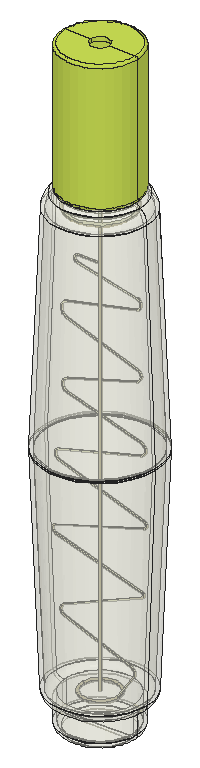
Revit family "LGB3", category Lighting Fixtures, Revit 2024
Family settings
  Round Connector Dimension = Use Diameter
  Part Type = Normal
  OmniClass Number = 23.80.70.00
  OmniClass Title = Lighting
  Work Plane-Based = No
  Always vertical = Yes
  Cut with Voids When Loaded = No
  Light Source = No
  Maintain Annotation Orientation = No
  Shared = No
  Room Calculation Point = No
Parameters
  Default Elevation = 0' - 0"
Reference planes (in)
  plane 1 "Light Source Axis (F/B)": y = 0
  plane 2: z = 0
  plane 3 "Light Source Axis (L/R)": x = 0
  plane 4 "Light Source Elevation": z = 54
Forms (in)
  Revolve 1, solid, material "90"
    sketch origin (0, 0, 2.5) x (1, 0, 0) y (0, 0, 1)
      loop
        arc (-0.9375, 68) -> (-0.98169, 67.98169) -> (-1, 67.9375) r 0.0625
        line (-1, 67.9375) -> (-1, 64.5625)
        arc (-1, 64.5625) -> (-0.98169, 64.51831) -> (-0.9375, 64.5) r 0.0625
        line (-0.9375, 64.5) -> (-0.90625, 64.5) -> (-0.90625, 67.90625) -> (-0.25, 67.90625) -> (-0.25, 68) -> (-0.9375, 68)
      axis (0, 68) -> (0, 64.5)
    angle from 0 to 360
  Revolve 2, solid, material "GENEVA BULB"
    sketch origin (0, 0, 2.5) x (1, 0, 0) y (0, 0, 1)
      loop
        line (-0.88048, 64.5) -> (-0.9375, 64.5)
        arc (-0.9375, 64.5) -> (-0.96142, 64.49524) -> (-0.98169, 64.48169) r 0.0625
        line (-0.98169, 64.48169) -> (-1.08623, 64.39142)
        arc (-1.08623, 64.39142) -> (-1.20964, 64.23052) -> (-1.25901, 64.03385) r 0.5
        line (-1.25901, 64.03385) -> (-1.49956, 58.27083)
        arc (-1.49956, 58.27083) -> (-1.49998, 58.24998) -> (-1.49956, 58.22913) r 0.51872
        line (-1.49956, 58.22913) -> (-1.26866, 52.48995)
        arc (-1.26866, 52.48995) -> (-1.18512, 52.3133) -> (-1, 52.25071) r 0.25
        line (-1, 52.25071) -> (-1, 51.6875)
        arc (-1, 51.6875) -> (-0.94508, 51.55492) -> (-0.8125, 51.5) r 0.1875
        line (-0.8125, 51.5) -> (0, 51.5) -> (0, 51.59375) -> (-0.8125, 51.59375)
        arc (-0.8125, 51.59375) -> (-0.87879, 51.62121) -> (-0.90625, 51.6875) r 0.09375
        line (-0.90625, 51.6875) -> (-0.90625, 52.39168)
        arc (-0.90625, 52.39168) -> (-1.07433, 52.35392) -> (-1.17499, 52.49372) r 0.15625
        line (-1.17499, 52.49372) -> (-1.40589, 58.2329)
        arc (-1.40589, 58.2329) -> (-1.40623, 58.24995) -> (-1.40589, 58.267) r 0.42497
        line (-1.40589, 58.267) -> (-1.16534, 64.02994)
        arc (-1.16534, 64.02994) -> (-1.12523, 64.18974) -> (-1.02496, 64.32047) r 0.40625
        line (-1.02496, 64.32047) -> (-0.92562, 64.40625) -> (-0.78673, 64.40625) -> (-0.78673, 65.93591) -> (-0.88048, 65.93591) -> (-0.88048, 64.5)
      axis (0, 65.93591) -> (0, 51.5)
    angle from 0 to 360
  Revolve 3, solid, material "INTERNAL"
    sketch origin (0, 0, 2.5) x (1, 0, 0) y (0, 0, 1)
      loop
        circle (-0.81943, 64.07284) r 0.03201
      loop
        circle (-0.4783, 52.40655) r 0.03201
      loop
        line (-0.03125, 64.22167) -> (-0.03125, 52.42154) -> (0, 52.42154) -> (0, 64.22167) -> (-0.03125, 64.22167)
      axis (0, 64.22167) -> (0, 52.40655)
    angle from 0 to 360
  Sweep 4, solid, material "INTERNAL"
    path origin (0, 0, 2.5) x (1, 0, 0) y (0, 0, 1)
      loop
        line (-0.25, 64.5) -> (-0.25, 64.22199) -> (0.25, 64.22199) -> (0.25, 64.5)
    profile origin (-0.25, 0, 66.861) x (0, -1, 0) y (1, 0, 0)
      loop
        circle (0, 0) r 0.0312
  Extrusion 5, solid, material "LIGHT"
    sketch origin (0, 0, 2.5) x (1, 0, 0) y (0, 0, 1)
      loop
        line (-0.03125, 62.67154) -> (-0.03125, 62.70279) -> (-0.58206, 62.70279)
        arc (-0.58206, 62.70279) -> (-0.6944, 62.60075) -> (-0.6036, 62.47914) r 0.11286
        line (-0.6036, 62.47914) -> (0.9749, 62.17231)
        arc (0.9749, 62.17231) -> (1.07916, 62.04806) -> (0.9793, 61.92024) r 0.12887
        line (0.9793, 61.92024) -> (-0.88609, 61.48958)
        arc (-0.88609, 61.48958) -> (-1.05815, 61.28171) -> (-0.90277, 61.06109) r 0.22221
        line (-0.90277, 61.06109) -> (0.99133, 60.46544)
        arc (0.99133, 60.46544) -> (1.0886, 60.33234) -> (0.99027, 60.20001) r 0.13895
        line (0.99027, 60.20001) -> (-0.89784, 59.62276)
        arc (-0.89784, 59.62276) -> (-1.02831, 59.44318) -> (-0.89165, 59.26827) r 0.18442
        line (-0.89165, 59.26827) -> (1.09042, 58.73717)
        arc (1.09042, 58.73717) -> (1.20274, 58.59081) -> (1.09042, 58.44444) r 0.15153
        line (1.09042, 58.44444) -> (-1.11248, 57.85417)
        arc (-1.11248, 57.85417) -> (-1.22286, 57.7129) -> (-1.11748, 57.56786) r 0.14895
        line (-1.11748, 57.56786) -> (1.1786, 56.86587)
        arc (1.1786, 56.86587) -> (1.22906, 56.79768) -> (1.1786, 56.72949) r 0.07131
        line (1.1786, 56.72949) -> (-1.20361, 56.00117)
        arc (-1.20361, 56.00117) -> (-1.28971, 55.88268) -> (-1.19953, 55.76726) r 0.12169
        line (-1.19953, 55.76726) -> (1.12968, 55.14315)
        arc (1.12968, 55.14315) -> (1.16293, 55.10281) -> (1.13562, 55.05824) r 0.04501
        line (1.13562, 55.05824) -> (-0.97222, 54.16351)
        arc (-0.97222, 54.16351) -> (-1.06867, 54.01211) -> (-0.96189, 53.86781) r 0.15847
        line (-0.96189, 53.86781) -> (0.82213, 53.25352)
        arc (0.82213, 53.25352) -> (0.91091, 53.16318) -> (0.89219, 53.03791) r 0.14193
        line (0.89219, 53.03791) -> (0.46818, 52.43238) -> (0.49378, 52.41445) -> (0.91778, 53.01999)
        arc (0.91778, 53.01999) -> (0.94063, 53.17284) -> (0.8323, 53.28307) r 0.17318
        line (0.8323, 53.28307) -> (-0.95172, 53.89735)
        arc (-0.95172, 53.89735) -> (-1.03744, 54.0132) -> (-0.96001, 54.13475) r 0.12722
        line (-0.96001, 54.13475) -> (1.14783, 55.02947)
        arc (1.14783, 55.02947) -> (1.19411, 55.10499) -> (1.13777, 55.17333) r 0.07626
        line (1.13777, 55.17333) -> (-1.19144, 55.79744)
        arc (-1.19144, 55.79744) -> (-1.25846, 55.88322) -> (-1.19448, 55.97128) r 0.09044
        line (-1.19448, 55.97128) -> (1.18774, 56.6996)
        arc (1.18774, 56.6996) -> (1.26031, 56.79768) -> (1.18774, 56.89576) r 0.10256
        line (1.18774, 56.89576) -> (-1.10835, 57.59774)
        arc (-1.10835, 57.59774) -> (-1.19162, 57.71235) -> (-1.1044, 57.82399) r 0.1177
        line (-1.1044, 57.82399) -> (1.09851, 58.41425)
        arc (1.09851, 58.41425) -> (1.23399, 58.59081) -> (1.09851, 58.76736) r 0.18278
        line (1.09851, 58.76736) -> (-0.88357, 59.29845)
        arc (-0.88357, 59.29845) -> (-0.99707, 59.44373) -> (-0.8887, 59.59287) r 0.15317
        line (-0.8887, 59.59287) -> (0.99941, 60.17013)
        arc (0.99941, 60.17013) -> (1.11985, 60.33221) -> (1.00071, 60.49525) r 0.1702
        line (1.00071, 60.49525) -> (-0.89339, 61.0909)
        arc (-0.89339, 61.0909) -> (-1.02692, 61.28049) -> (-0.87906, 61.45913) r 0.19096
        line (-0.87906, 61.45913) -> (0.98633, 61.88979)
        arc (0.98633, 61.88979) -> (1.11041, 62.0486) -> (0.98086, 62.20299) r 0.16012
        line (0.98086, 62.20299) -> (-0.59763, 62.50982)
        arc (-0.59763, 62.50982) -> (-0.6633, 62.59775) -> (-0.58206, 62.67154) r 0.08161
        line (-0.58206, 62.67154) -> (-0.03125, 62.67154)
    from 0.01562 to -0.01562
Dimensions and locks (in)
  aligned and locked: level to plane 2
